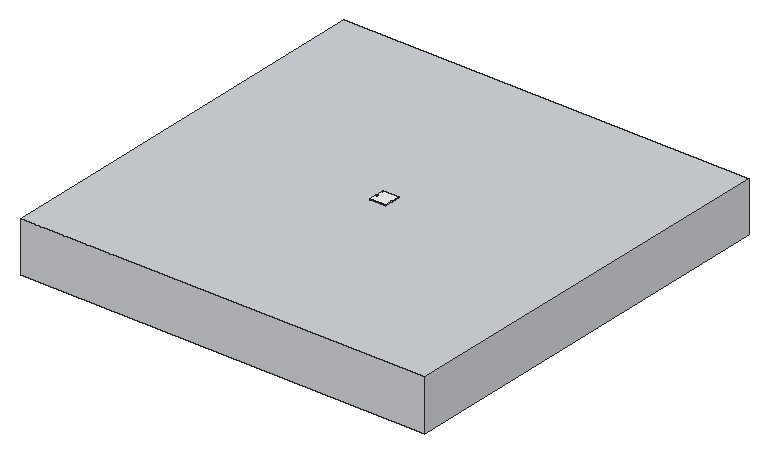
Revit family "Gira_502112", category Elektroinstallationen, Revit 2017
Family settings
  Basisbauteil = Fläche
  Beschriftungsausrichtung beibehalten = Nein
  Bemaßung runder Anschluss = Durchmesser verwenden
  Teiletyp = Normal
  Beim Laden mit Abzugskörper schneiden = Nein
  Gemeinsam genutzt = Nein
  Raumberechnungspunkt = Nein
Parameters (values of type "Wippenset 1f Tastsens.4 TS4 G Weiß")
  Werkstoffgüte = ""
  Werkstoff Text = "Glas"
  Default Elevation = 1219.2 mm
  URL = "https://www.gira.de/"
  Typname = "Wippenset 1f Tastsens.4 TS4 G Weiß"
  Type Comments = ""
  Transparent = no
  Produktseite = "https://media.stage.bim.site/t/eyJhbGciOiJIUzI1NiIsInR5cCI6IkpXVCJ9.eyJjdCI6MiwidHUiOiJodHRwOi8va2F0YWxvZy5naXJhLmRlL2RlX0RFL2RhdGVuYmxhdHQuaHRtbD9hcnRpa2VsbnI9NTAyMTEyIiwiY2lkIjoiMzI3N2NjMjMtODFhOS00ZWUzLWE5MGEtYjQ3YmI0YzBiNjE2IiwicmlkIjoiZWM4YWJmZTAyZjc5ZDU2MDA0YWM2ZWU5ZTU3MjYxNWQiLCJwaWQiOiI4MWY3ZTViMmU4YTI3NjVjODQ3MjA4NjhlYWExNWQ4MzAwOWFiN2E3Iiwic2lkIjoiNjM0NzAiLCJ1dCI6MSwibGMiOiJkZSIsImlhdCI6MTYwMDk0MTY4OCwiaXNzIjoiaHR0cHM6Ly9hcGkubGl2ZS5iaW0uc2l0ZSIsInN1YiI6ImFkbWluQGJpbXNpdGUuZGV2In0.Qc5iLt60tIJrFPqzcq0iigwqVKl32PFjJ-PSr1e-yeg"
  Model = ""
  Cost = 0
  Hersteller = "Gira"
  HeinzeBIM = "https://www.heinze.de/bim/wippenset-1f-tastsens-4-ts4-g-weiss/81f7e5b2e8a2765c84720868eaa15d83009ab7a7"
  HAN = "502112"
  GTIN = "4010337072058"
  Funk bidirektional = no
  Farbe = "weiß"
  Datenblatt 1 = "https://media.stage.bim.site/t/eyJhbGciOiJIUzI1NiIsInR5cCI6IkpXVCJ9.eyJjdCI6MSwidGYiOiJwdWJsaWMvZ2lyYS9hZThjNTU3LzUwMjExMi50eHQiLCJjaWQiOiIzMjc3Y2MyMy04MWE5LTRlZTMtYTkwYS1iNDdiYjRjMGI2MTYiLCJyaWQiOiJlYzhhYmZlMDJmNzlkNTYwMDRhYzZlZTllNTcyNjE1ZCIsInBpZCI6IjgxZjdlNWIyZThhMjc2NWM4NDcyMDg2OGVhYTE1ZDgzMDA5YWI3YTciLCJzaWQiOiI2MzQ3MCIsInV0IjoxLCJsYyI6ImRlIiwiaWF0IjoxNjAwOTQxNjg4LCJpc3MiOiJodHRwczovL2FwaS5saXZlLmJpbS5zaXRlIiwic3ViIjoiYWRtaW5AYmltc2l0ZS5kZXYifQ.ix-kzjUqyPZEzIJr4equdrXJQXRyQdzK441nhRwYke0/502112.txt"
  Datenblatt = "https://media.stage.bim.site/t/eyJhbGciOiJIUzI1NiIsInR5cCI6IkpXVCJ9.eyJjdCI6MSwidHUiOiJodHRwczovL2thdGFsb2cuZ2lyYS5kZS9kZV9ERS9kb3dubG9hZC5odG1sP2FydGlrZWxucj01MDIxMTIiLCJjaWQiOiIzMjc3Y2MyMy04MWE5LTRlZTMtYTkwYS1iNDdiYjRjMGI2MTYiLCJyaWQiOiJlYzhhYmZlMDJmNzlkNTYwMDRhYzZlZTllNTcyNjE1ZCIsInBpZCI6IjgxZjdlNWIyZThhMjc2NWM4NDcyMDg2OGVhYTE1ZDgzMDA5YWI3YTciLCJzaWQiOiI2MzQ3MCIsInV0IjoxLCJsYyI6ImRlIiwiaWF0IjoxNjAwOTQxNjg4LCJpc3MiOiJodHRwczovL2FwaS5saXZlLmJpbS5zaXRlIiwic3ViIjoiYWRtaW5AYmltc2l0ZS5kZXYifQ.wk8URfZk7-A7HD4KS0oqI_Q3qZy-qAUqxd2ENul898M"
  Bussystem Powernet = no
  Bussystem LON = no
  Bussystem KNX-Funk = no
  Bussystem KNX = yes
  Bussystem Funkbus = no
  Beschreibung = "Wippenset 1fach für Tastsensor 4  Glas Weiß Hinweise :  Beschreibbare Wippensets können mit einer individuellen Beschriftung versehen werden. Die Bestellung wird über den Großhandel abgewickelt, der beim Bestellvorgang der Wippen angegeben wurde."
  Assembly Code = ""
  Keynote = ""
  BIMSITE_PRODUCT_ID = "81f7e5b2e8a2765c84720868eaa15d83009ab7a7"
  BIM = "https://media.stage.bim.site/t/eyJhbGciOiJIUzI1NiIsInR5cCI6IkpXVCJ9.eyJjdCI6MSwidGYiOiJwdWJsaWMvZ2lyYS9hZThjNTU3LzQwXzUwMjEwMCBUUzQgV2lwcGVuc2V0IDFmYWNoLnJmYSIsImNpZCI6IjMyNzdjYzIzLTgxYTktNGVlMy1hOTBhLWI0N2JiNGMwYjYxNiIsInJpZCI6ImVjOGFiZmUwMmY3OWQ1NjAwNGFjNmVlOWU1NzI2MTVkIiwicGlkIjoiODFmN2U1YjJlOGEyNzY1Yzg0NzIwODY4ZWFhMTVkODMwMDlhYjdhNyIsInNpZCI6IjYzNDcwIiwidXQiOjUsImxjIjoiZGUiLCJpYXQiOjE2MDA5NDE2ODgsImlzcyI6Imh0dHBzOi8vYXBpLmxpdmUuYmltLnNpdGUiLCJzdWIiOiJhZG1pbkBiaW1zaXRlLmRldiJ9.G0i7LmG3KEqPgMbQAAFOOOylCGYGE9HUzC-lVnFlD-I/40_502100 TS4 Wippenset 1fach.rfa"
  Andere Bussysteme = "ohne"
Reference planes
  plane 1 "Center (Front/Back)": y = 0
  plane 2: z = 0
  plane 3 "Center (Left/Right)": x = 0
Forms (mm)
  Extrusion 1, solid
    sketch origin (0, 0, 0) x (1, 0, 0) y (0, 1, 0)
      loop
        line (-1219.2, 1219.2) -> (-1219.2, -1219.2) -> (1219.2, -1219.2) -> (1219.2, 1219.2) -> (-1219.2, 1219.2)
    from 0 to -304.8
Lines and regions (mm)
  reference lines
    curve 1: line (0, 47.5, 0) -> (0, -47.5, 0)
Dimensions and locks
  aligned and locked: plane 2 to Extrusion 1
  aligned and locked: level to Extrusion 1
Nested families
  nested 1: "40_502100 TS4 Wippenset 1fach" at (0, 0, 0), type "40_502100 TS4 Wippenset 1fach"
Definition of nested family "40_502100 TS4 Wippenset 1fach"
  Parameters
    White = none
  Reference planes
    plane 1 "Center (Front/Back)": y = 0
    plane 2: z = 0
    plane 3 "Center (Left/Right)": x = 0
  Forms (mm)
    Extrusion 1, solid, material <- "White", detail levels fine
      sketch origin (0, 0, 0) x (1, 0, 0) y (0, 1, 0)
        loop
          arc (-46.5, 47.5) -> (-47.207, 47.207) -> (-47.5, 46.5) r 1
          line (-47.5, 46.5) -> (-47.5, 1) -> (-42.5, 1)
          arc (-42.5, 1) -> (-41.5, 0) -> (-42.5, -1) r 1
          line (-42.5, -1) -> (-47.5, -1) -> (-47.5, -46.5)
          arc (-47.5, -46.5) -> (-47.207, -47.207) -> (-46.5, -47.5) r 1
          line (-46.5, -47.5) -> (46.5, -47.5)
          arc (46.5, -47.5) -> (47.207, -47.207) -> (47.5, -46.5) r 1
          line (47.5, -46.5) -> (47.5, -1) -> (42.5, -1)
          arc (42.5, -1) -> (41.5, 0) -> (42.5, 1) r 1
          line (42.5, 1) -> (47.5, 1) -> (47.5, 46.5)
          arc (47.5, 46.5) -> (47.207, 47.207) -> (46.5, 47.5) r 1
          line (46.5, 47.5) -> (-46.5, 47.5)
      from 0 to 3.1
    Extrusion 2, solid, material <- "White", detail levels fine
      sketch origin (0, 0, 0) x (1, 0, 0) y (0, 1, 0)
        loop
          line (43.976, 44.188) -> (-43.976, 44.188) -> (-43.976, -44.188) -> (43.976, -44.188) -> (43.976, 44.188)
      from 0 to -1.5
    Extrusion 3, solid, detail levels fine
      sketch origin (0, 0, 0) x (1, 0, 0) y (0, 0, 1)
        loop
          arc (-1.639, -4) -> (-1.115, -3.694) -> (-1.122, -3.087) r 0.603
          arc (-1.122, -3.087) -> (-0.011, -1.666) -> (1.122, -3.087) r 1.145
          arc (1.122, -3.087) -> (1.115, -3.694) -> (1.639, -4) r 0.603
          line (1.639, -4) -> (2.5, -4) -> (3.5, -1.5) -> (-3.5, -1.5) -> (-2.5, -4) -> (-1.639, -4)
      from 41.985 to 44.199
    Extrusion 4, solid, detail levels fine
      sketch origin (0, 0, 0) x (1, 0, 0) y (0, 0, -1)
        loop
          line (-1.639, 4) -> (-2.5, 4) -> (-3.5, 1.5) -> (3.5, 1.5) -> (2.5, 4) -> (1.639, 4)
          arc (1.639, 4) -> (1.115, 3.694) -> (1.122, 3.087) r 0.603
          arc (1.122, 3.087) -> (-0.011, 1.666) -> (-1.122, 3.087) r 1.145
          arc (-1.122, 3.087) -> (-1.115, 3.694) -> (-1.639, 4) r 0.603
      from 41.985 to 44.199
    Extrusion 5, solid, material <- "White", detail levels medium
      sketch origin (0, 0, 0) x (1, 0, 0) y (0, 1, 0)
        loop
          line (43.976, 44.188) -> (-43.976, 44.188) -> (-43.976, -44.188) -> (43.976, -44.188) -> (43.976, 44.188)
      from 0 to -4
    Extrusion 6, solid, material <- "White", detail levels medium
      sketch origin (0, 0, 0) x (1, 0, 0) y (0, 1, 0)
        loop
          line (-47.5, 47.5) -> (-47.5, -47.5) -> (47.5, -47.5) -> (47.5, 47.5) -> (-47.5, 47.5)
      from 0 to 3.3
    Extrusion 7, solid, material <- "White", detail levels fine
      sketch origin (0, 0, 0) x (1, 0, 0) y (0, 1, 0)
        loop
          line (-43.976, 44.188) -> (-43.976, 40.908) -> (-42.655, 40.908) -> (-42.655, 44.188) -> (-43.976, 44.188)
        loop
          line (43.976, 44.188) -> (42.655, 44.188) -> (42.655, 40.908) -> (43.976, 40.908) -> (43.976, 44.188)
        loop
          line (-43.976, -44.188) -> (-42.655, -44.188) -> (-42.655, -40.908) -> (-43.976, -40.908) -> (-43.976, -44.188)
        loop
          line (43.976, -44.188) -> (43.976, -40.908) -> (42.655, -40.908) -> (42.655, -44.188) -> (43.976, -44.188)
      from 0 to -4
    Extrusion 8, solid, detail levels fine
      sketch origin (0, 0, 0) x (1, 0, 0) y (0, 1, 0)
        loop
          line (-47.5, 1) -> (-47.5, -1) -> (-42.5, -1)
          arc (-42.5, -1) -> (-41.5, 0) -> (-42.5, 1) r 1
          line (-42.5, 1) -> (-47.5, 1)
        loop
          line (47.5, 1) -> (42.5, 1)
          arc (42.5, 1) -> (41.5, 0) -> (42.5, -1) r 1
          line (42.5, -1) -> (47.5, -1) -> (47.5, 1)
      from 0 to 3.3
    Extrusion 9, solid, detail levels coarse
      sketch origin (0, 0, 0) x (1, 0, 0) y (0, 1, 0)
        loop
          line (-47.5, 47.5) -> (-47.5, -47.5) -> (47.5, -47.5) -> (47.5, 47.5) -> (-47.5, 47.5)
      from -4 to 3.3
    Extrusion 10, solid, material <- "White", detail levels fine
      sketch origin (0, 0, 0) x (1, 0, 0) y (0, 1, 0)
        loop
          line (-41.852, 6.181) -> (-43.976, 4.461) -> (-43.976, -4.461) -> (-41.852, -6.181)
          arc (-41.852, -6.181) -> (-38.884, -6.014) -> (-38.763, -3.043) r 2.212
          line (-38.763, -3.043) -> (-38.763, 3.043)
          arc (-38.763, 3.043) -> (-38.884, 6.014) -> (-41.852, 6.181) r 2.212
        loop
          arc (-39.415, 3.847) -> (-39.669, 5.38) -> (-41.223, 5.404) r 1.212
          line (-41.223, 5.404) -> (-42.938, 4.015) -> (-40.57, 1.883) -> (-39.415, 3.847)
        loop
          line (-39.415, -3.847) -> (-40.57, -1.883) -> (-42.938, -4.015) -> (-41.223, -5.404)
          arc (-41.223, -5.404) -> (-39.669, -5.38) -> (-39.415, -3.847) r 1.212
        loop
          arc (41.852, 6.181) -> (38.884, 6.014) -> (38.763, 3.043) r 2.212
          line (38.763, 3.043) -> (38.763, -3.043)
          arc (38.763, -3.043) -> (38.884, -6.014) -> (41.852, -6.181) r 2.212
          line (41.852, -6.181) -> (43.976, -4.461) -> (43.976, 4.461) -> (41.852, 6.181)
        loop
          line (39.415, 3.847) -> (40.57, 1.883) -> (42.938, 4.015) -> (41.223, 5.404)
          arc (41.223, 5.404) -> (39.669, 5.38) -> (39.415, 3.847) r 1.212
        loop
          arc (39.415, -3.847) -> (39.669, -5.38) -> (41.223, -5.404) r 1.212
          line (41.223, -5.404) -> (42.938, -4.015) -> (40.57, -1.883) -> (39.415, -3.847)
      from 0 to -3.1
  Cuts and joins
    joined: Extrusion 2, Extrusion 7, Extrusion 10
  Dimensions and locks
    aligned and locked: level to plane 2
